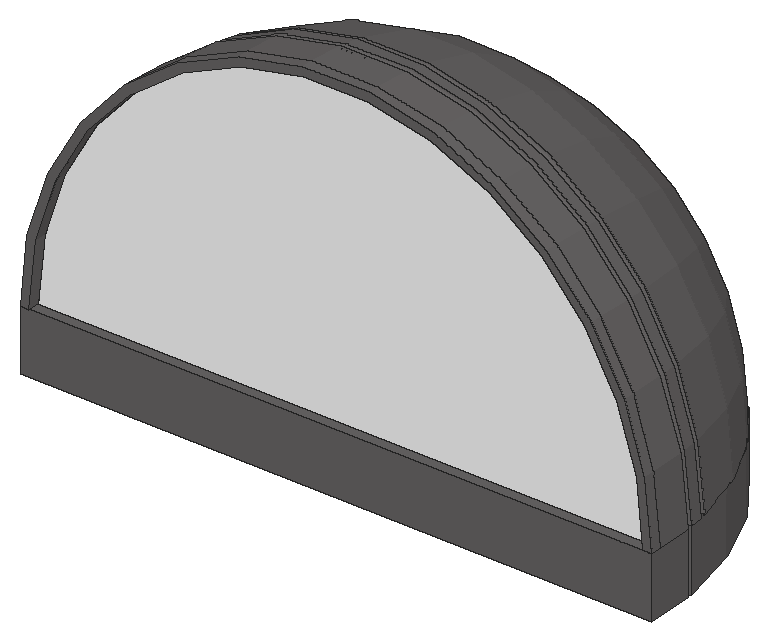
Revit family "QSP2", category Lighting Fixtures, host Face, Revit 2014
Parameters (values of type "QSP2")
  Wattage Comments = "30W"
  Wattage = 30 W
  built-in parameter 1150110 = 1 (stored number, unit not read)
  Voltage = 120 V
  URL = "https://www.hubbell.com/hubbelllightingci/en"
  built-in parameter 1114217 = 1 (stored number, unit not read)
  Tilt Angle = -120.00°
  built-in parameter 1150109 = 1 (stored number, unit not read)
  built-in parameter 1150134 = 3
  built-in parameter 1150113 = 1 (stored number, unit not read)
  Product Page URL = "https://www.hubbell.com/hubbelllightingci/en/Products/Lighting-Controls/Commercial-Outdoor-Lighting/Wall-Mount/RDI2-GeoPak/p/2518988"
  Product Documentation Link = "https://hubbellcdn.com/specsheet/Geopak%20TRP2%20QSP2%20RDI2%20SpecSheet.pdf"
  Photometric Web File = "TRP2-24L-30-3K7-1 (2).ies"
  Photometric Link = "https://www.hubbell.com/hubbelllightingci/en/Products/Lighting-Controls/Commercial-Outdoor-Lighting/Wall-Mount/RDI2-GeoPak/p/2518988#prod-photometry-section"
  Model = "QSP2"  # constant formula
  Manufacturer = "Hubbell Outdoor"  # constant formula
  built-in parameter 1150105 = -14137770.2 (stored number, unit not read)
  Lumens = 3930 lm
  built-in parameter 1150115 = 1 (stored number, unit not read)
  Load Classification = Lighting
  built-in parameter 1150137 = (empty or 0)
  built-in parameter 1150139 = (empty or 0)
  built-in parameter 1150112 = 1 (stored number, unit not read)
  built-in parameter 1150114 = 1 (stored number, unit not read)
  Lamp = "LED"  # constant formula
  Opal lens = Glass - Hubbell - White
  built-in parameter 1150132 = (empty or 0)
  built-in parameter 1150102 = (empty or 0)
  built-in parameter 1150107 = 3200 (stored number, unit not read)
  built-in parameter 1150138 = (empty or 0)
  built-in parameter 1150106 = -141377.7 (stored number, unit not read)
  built-in parameter 1150104 = 12.17 (stored number, unit not read)
  Dimming Lamp Color Temperature Shift = <None>
  Description = "Architectural wallpack in two stylish shapes."  # constant formula
  Default Elevation = 48"
  Finish = Paint - Hubbell - Textured Camera Black
  Color Filter = 16777215
  built-in parameter 1114218 = 1 (stored number, unit not read)
  built-in parameter 1150133 = 10 (stored number, unit not read)
  Apparent Load = 0 VA
Reference planes (in)
  plane 1 "Center (Front/Back)": y = 2
  plane 2: z = 0
  plane 3 "Center (Left/Right)": x = 0
  plane 4: x = -6.545
  plane 5: x = 6.545
  plane 6: z = 7.81
  plane 7: y = -4.79
  plane 8: z = 1.265
Forms (in)
  Revolve 1, solid, material "Paint - Hubbell - Textured Camera Black" <- "Finish"
    sketch origin (0, 0, 0) x (0, 1, 0) y (0, 0, 1)
      loop
        line (1.81608, 1.265) -> (1.9953, 1.265)
        arc (1.9953, 1.265) -> (0.51277, 5.4133) -> (-3.26319, 7.68231) r 6.545
        arc (-3.26319, 7.68231) -> (-3.34076, 7.6298) -> (-3.39367, 7.7071) r 0.06641
        arc (-3.39367, 7.7071) -> (-3.53645, 7.73109) -> (-3.67972, 7.75192) r 6.545
        arc (-3.67972, 7.75192) -> (-3.75586, 7.69188) -> (-3.8151, 7.76864) r 0.06821
        arc (-3.8151, 7.76864) -> (-4.18182, 7.79965) -> (-4.5497, 7.81) r 6.545
        line (-4.5497, 7.81) -> (-4.79, 7.81) -> (-4.79, 7.63078) -> (-4.5497, 7.63078)
        arc (-4.5497, 7.63078) -> (-0.04841, 5.76629) -> (1.81608, 1.265) r 6.36578
      axis (1.9953, 1.265) -> (-4.79, 1.265)
    angle from -90 to 90
  Extrusion 2, solid, material "Paint - Hubbell - Textured Camera Black" <- "Finish"
    sketch origin (0, 0, 0) x (1, 0, 0) y (0, 1, 0)
      loop
        arc (-6.48692, -3.67972) -> (-6.44364, -3.75379) -> (-6.50364, -3.8151) r 0.07072
        arc (-6.50364, -3.8151) -> (-6.54031, -4.30186) -> (-6.54059, -4.79) r 6.545
        line (-6.54059, -4.79) -> (6.54059, -4.79)
        arc (6.54059, -4.79) -> (6.54031, -4.30186) -> (6.50364, -3.8151) r 6.545
        arc (6.50364, -3.8151) -> (6.44364, -3.75379) -> (6.48692, -3.67972) r 0.07072
        arc (6.48692, -3.67972) -> (4.27423, 0.40691) -> (-0.09333, 1.99463) r 6.545
        arc (-0.09333, 1.99463) -> (-4.18429, 0.48306) -> (-6.41731, -3.26319) r 6.545
        arc (-6.41731, -3.26319) -> (-6.3648, -3.34076) -> (-6.4421, -3.39367) r 0.06641
        arc (-6.4421, -3.39367) -> (-6.46609, -3.53645) -> (-6.48692, -3.67972) r 6.545
    from 0 to 1.265
  Extrusion 3, solid, material "Glass - Hubbell - White" <- "Opal lens"
    sketch origin (0, 2, 0) x (1, 0, 0) y (0, 0, 1)
      loop
        arc (6.36578, 1.265) -> (0, 7.63078) -> (-6.36578, 1.265) r 6.36578
        line (-6.36578, 1.265) -> (6.36578, 1.265)
    from 6.25658 to 6.55543
  Extrusion 4, solid, material "Glass - Hubbell - White" <- "Opal lens"
    sketch origin (0, 2, 0) x (1, 0, 0) y (0, 0, 1)
      loop
        arc (6.36578, 1.265) -> (0, 7.63078) -> (-6.36578, 1.265) r 6.36578
        line (-6.36578, 1.265) -> (6.36578, 1.265)
    from 5.67972 to 6.25658
Dimensions and locks (in)
  equal spacing: plane 4, plane 3 "Center (Left/Right)", plane 5
  locked: plane 4 to plane 5 at 13.09
  plane 6 to plane 2 = 7.81"
  plane 7 to plane 1 "Center (Front/Back)" = 6.79"
  plane 6 to plane 8 = 6.545"
  aligned and locked: plane 2 to host face
  aligned and locked: level to host face
  aligned and locked: Extrusion 2 to level
Automatic sketch dimensions
  host sketch curve to host sketch curve = 96"  (x2)
  Extrusion 2 sketch curve to plane 4 = 0.00441"
  Extrusion 2 sketch curve to plane 5 = 0.00441"
  Extrusion 2 sketch curve to plane 4 = 0.05808"
  plane 1 "Center (Front/Back)" to Extrusion 2 sketch curve = 0.00537"
  Extrusion 2 sketch curve to Extrusion 2 sketch curve = 0"  (x8)
  Extrusion 2 sketch curve to plane 4 = 0.03118"
  Extrusion 2 sketch curve to plane 4 = 0.04136"
  Extrusion 2 sketch curve to plane 5 = 0.05808"
  Extrusion 2 sketch curve to plane 5 = 0.04136"
  Extrusion 2 sketch curve to Extrusion 2 sketch curve = 0.13538"
  plane 7 to Extrusion 2 sketch curve = 0"
  Extrusion 2 sketch curve to plane 5 = 0.03118"
  Extrusion 2 sketch curve to plane 3 "Center (Left/Right)" = 0"
  Extrusion 2 sketch curve to plane 3 "Center (Left/Right)" = 0.09333"
  Extrusion 3 sketch curve to plane 3 "Center (Left/Right)" = 0"
  Extrusion 3 sketch curve to plane 5 = 0.17922"
  level to Extrusion 3 sketch curve = 1.265"
  Revolve 1 sketch curve to Revolve 1 sketch curve = 0"  (x6)
  Revolve 1 sketch curve to plane 7 = 0"
  Revolve 1 sketch curve to plane 6 = 0"
  Revolve 1 sketch curve to plane 8 = 0"  (x2)
  Revolve 1 sketch curve to plane 6 = 0.04136"
  Revolve 1 sketch curve to plane 6 = 0.05042"
  Revolve 1 sketch curve to Revolve 1 sketch curve = 0.0676"
  Revolve 1 sketch curve to plane 6 = 0.05808"
  Revolve 1 sketch curve to plane 6 = 0.11496"
  Revolve 1 sketch curve to Revolve 1 sketch curve = 1.79217"
  Revolve 1 sketch curve to Revolve 1 sketch curve = 1.97139"
  Revolve 1 sketch curve to Revolve 1 sketch curve = 0.17922"
  Revolve 1 sketch curve to Revolve 1 sketch curve = 0.06518"
  Revolve 1 sketch curve to Revolve 1 sketch curve = 0.0653"
  plane 1 "Center (Front/Back)" to Revolve 1 sketch curve = 0.18392"
  Extrusion 2 sketch curve to plane 4 = 0.1029"
  Extrusion 2 sketch curve to Extrusion 2 sketch curve = 0.01206"
  Extrusion 2 sketch curve to Extrusion 2 sketch curve = 0.01272"
  Extrusion 2 sketch curve to Extrusion 2 sketch curve = 0.06518"
  Extrusion 4 sketch curve to plane 3 "Center (Left/Right)" = 0"
  Extrusion 4 sketch curve to plane 5 = 0.17922"
  level to Extrusion 4 sketch curve = 1.265"
  radius of Revolve 1 sketch curve = 17/256"
Connectors (in)
  electrical at (0, 0, 0), driven by "Voltage", driven by "Apparent Load", driven by "Load Classification"
    settings: index 1, voltage 120 V, apparent load 0 VA, apparent load phase1 0 VA, apparent load phase2 0 VA, apparent load phase3 0 VA, power factor 1, load classification "Lighting", number of poles 1, system type 30, power factor state 1, is connector primary yes, connector utility no, sub classification motor no, connector description "Electrical Connector"
